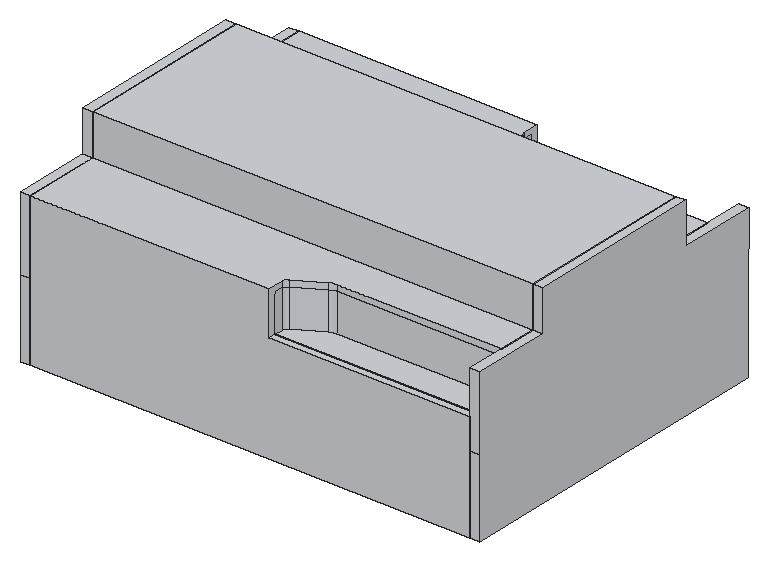
Revit family "Gira_257000", category Electrical Fixtures, host Face, Revit 2017
Family settings
  Host = Face
  Maintain Annotation Orientation = No
  Round Connector Dimension = Use Diameter
  Part Type = Normal
  Cut with Voids When Loaded = No
  Shared = No
  Room Calculation Point = No
Parameters (values of type "Pow.supply DC 24 V 700 mA DRA Door communication")
  URL = "https://www.gira.de/"
  Type Comments = ""
  Output voltage [Volt] Number = 24
  Model = ""
  Manufacturer = "Gira"
  Keynote = ""
  Input voltage [Volt] Number = 230
  HeinzeBIM = "https://www.heinze.de/bim/pow-supply-dc-24-v-700-ma-dra-door-communication/710b8e8a68419ba8553580f5c4e5ee00279b858d"
  HAN = "257000"
  GTIN = "4010337025702"
  Description = "PS DC 24V 700mA DRA Door Power supply for door communication DC 24 V 700 mA,DRA"
  Default Elevation = 1219.2 mm
  Cost = 0
  BIMSITE_PRODUCT_ID = "710b8e8a68419ba8553580f5c4e5ee00279b858d"
  BIM = "https://media.live.bim.site/t/eyJhbGciOiJIUzI1NiIsInR5cCI6IkpXVCJ9.eyJjdCI6MSwidGYiOiJwdWJsaWMvZ2lyYS8wOWY1ZGI1LzI1NzAgMDBfUkVHIDYucmZhIiwiY2lkIjoiZmVkOThlOWEtMWJkOC00YzY4LWE3M2ItNzRhOTRlMzE1ODIzIiwicmlkIjoiMWQwYWY4MzE5MDZkYzFlNjBmYjMwZWRiMzk0NDBjY2IiLCJwaWQiOiI3MTBiOGU4YTY4NDE5YmE4NTUzNTgwZjVjNGU1ZWUwMDI3OWI4NThkIiwic2lkIjoiNjM0NzAiLCJ1dCI6NSwibGMiOiJlbiIsImlhdCI6MTYwNzQzODAzOSwiaXNzIjoiaHR0cHM6Ly9hcGkubGl2ZS5iaW0uc2l0ZSIsInN1YiI6IjhkM2FhNWNiLWUwNjYtNDU5OC1iZTE2LTZlMTZlZTc0OTU2YSJ9.0QBUQFaYpW5QLkrm7hPYgTb4QA2QYxcgKz2YQ7Vru0E/2570 00_REG 6.rfa"
  Assembly Code = ""
Reference planes
  plane 1 "Center (Front/Back)": y = 0
  plane 2: z = 0
  plane 3 "Center (Left/Right)": x = 0
Forms (mm)
  Extrusion 1, solid, detail levels fine
    sketch origin (0, 0, 0) x (0, 1, 0) y (0, 0, 1)
      loop
        line (23, 49.5) -> (-23, 49.5) -> (-23, 39) -> (-43, 39) -> (-43, 0) -> (-41, 0) -> (-41, 37.5) -> (-21.5, 37.5) -> (-21.5, 45.5) -> (21.5, 45.5) -> (21.5, 37.5) -> (41, 37.5) -> (41, 0) -> (43, 0) -> (43, 39) -> (23, 39) -> (23, 49.5)
    from -56.45 to 56.45
  Extrusion 2, solid, detail levels fine
    sketch origin (-19.55, 0, 0) x (0, 1, 0) y (0, 0, 1)
      loop
        line (23, 49.5) -> (-23, 49.5) -> (-23, 39) -> (-43, 39) -> (-43, 20) -> (-43, 0) -> (43, 0) -> (43, 20) -> (43, 39) -> (23, 39) -> (23, 49.5)
    from 76 to 78.5
  Extrusion 3, solid, detail levels fine
    sketch origin (19.55, 0, 0) x (0, 1, 0) y (0, 0, -1)
      loop
        line (23, -49.5) -> (23, -39) -> (43, -39) -> (43, -20) -> (43, 0) -> (-43, 0) -> (-43, -20) -> (-43, -39) -> (-23, -39) -> (-23, -49.5) -> (23, -49.5)
    from 76 to 78.5
  Extrusion 4, solid, detail levels medium
    sketch origin (0, 0, 0) x (0, 1, 0) y (0, 0, 1)
      loop
        line (23, 49.5) -> (-23, 49.5) -> (-23, 39) -> (-43, 39) -> (-43, 20) -> (-43, 0) -> (43, 0) -> (43, 20) -> (43, 39) -> (23, 39) -> (23, 49.5)
    from -58.95 to 58.95
  Extrusion 5, solid
    sketch origin (0, 0, 0) x (0, -1, 0) y (0, 0, -1)
      loop
        line (41, -37.5) -> (41, -26.247) -> (31.5, -26.247) -> (31.5, -27.747) -> (31.5, -37.5) -> (33, -37.5) -> (41, -37.5)
    from 0 to 56.45
  Extrusion 6, void
    sketch origin (0, 0, 0) x (1, 0, 0) y (0, 1, 0)
      loop
        line (56.45, -33) -> (14.212, -33)
        arc (14.212, -33) -> (13.326, -33.18) -> (12.518, -33.583) r 3.46
        line (12.518, -33.583) -> (5.518, -37.602)
        arc (5.518, -37.602) -> (4.997, -38.189) -> (4.749, -38.934) r 1.955
        line (4.749, -38.934) -> (4.749, -43) -> (56.45, -43) -> (56.45, -33)
    from 27.747 to 39
  Extrusion 7, solid
    sketch origin (0, 0, 0) x (0, 1, 0) y (0, 0, 1)
      loop
        line (41, 37.5) -> (33, 37.5) -> (31.5, 37.5) -> (31.5, 27.747) -> (31.5, 26.247) -> (41, 26.247) -> (41, 37.5)
    from 0 to 56.45
  Extrusion 8, void
    sketch origin (0, 0, 0) x (1, 0, 0) y (0, 1, 0)
      loop
        line (56.45, 33) -> (56.45, 43) -> (4.749, 43) -> (4.749, 38.934)
        arc (4.749, 38.934) -> (4.997, 38.189) -> (5.518, 37.602) r 1.955
        line (5.518, 37.602) -> (12.518, 33.583)
        arc (12.518, 33.583) -> (13.326, 33.18) -> (14.212, 33) r 3.46
        line (14.212, 33) -> (56.45, 33)
    from 27.747 to 39
  Extrusion 9, solid, detail levels coarse
    sketch origin (0, 0, 0) x (1, 0, 0) y (0, 1, 0)
      loop
        line (-58.95, -43) -> (58.95, -43) -> (58.95, 43) -> (-58.95, 43) -> (-58.95, -43)
    from 0 to 49.5
Cuts and joins
  Extrusion 6, Extrusion 8 cuts Extrusion 1
  Extrusion 6, Extrusion 8 cuts Extrusion 2
  Extrusion 6, Extrusion 8 cuts Extrusion 4
  Extrusion 6, Extrusion 8 cuts Extrusion 5
  Extrusion 8 cuts Extrusion 7
Dimensions and locks
  aligned and locked: plane 2 to host face
  aligned and locked: level to host face
